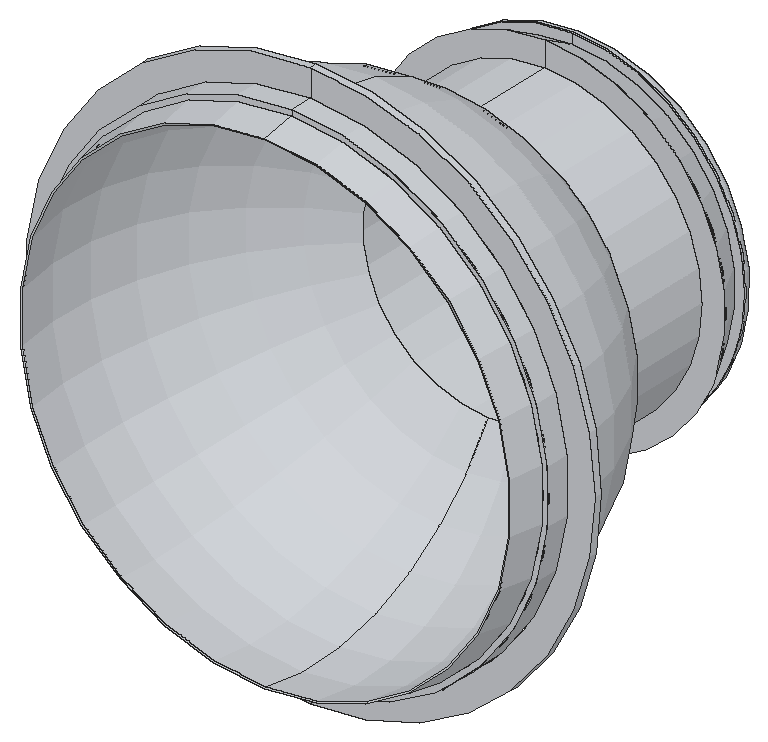
Revit family "05302_DSA", category Air Terminals, Revit 2012
Parameters (values of type "DSA-20"")
  Visible_Texto = or(Tamanio_Requerido < 8, Tamanio_Requerido > 20, and(Tamanio_Requerido > 12, Tamanio_Requerido < 16), and(Tamanio_Requerido > 16, Tamanio_Requerido < 20))  # no
  Var_Tamanio = if(Tamanio_Requerido < 8, 8", if(Tamanio_Requerido > 20, 20", if(and(Tamanio_Requerido > 12, Tamanio_Requerido < 16), 12", if(and(Tamanio_Requerido > 16, Tamanio_Requerido < 20), 16", rounddown(Tamanio_Requerido / 2) * 2"))))  # 20"
  Var_Conect = if(Var_Tamanio = 8", 6 199/256", if(Var_Tamanio = 10", 9 195/256", if(Var_Tamanio = 12", 11 91/256", if(Var_Tamanio = 16", 15 49/64", if(Var_Tamanio = 20", 18 3/16", 18 3/16")))))  # 18 3/16"
  URL = "https://www.innes.com.mx"
  Type Comments = "Deflector anti-condensación"
  Tipo de Cuello = "Redondo"
  Tamanio_Requerido = 20
  Posición de Instalación = "Muro\r\nMuro/Techo"
  Nota1 = if(Tamanio_Requerido < 8, "Tamaño no válido, mínimo 8", if(Tamanio_Requerido > 20, "Tamaño no válido, máximo 20", if(and(Tamanio_Requerido > 12, Tamanio_Requerido < 16), "Tamaño incorrecto, seleccione del menú desplegable", if(and(Tamanio_Requerido > 16, Tamanio_Requerido < 20), "Tamaño incorrecto, seleccione del menú desplegable", "."))))  # "."
  Model = "DSA"
  Material = "Aluminio"
  Manufacturer = "INNES"
  Incrementos de Cuello = "de 2\""
  Función = "Inyección"
  Description = "Difusor de Largo Alcance"
  Cuello Mín-Máx. = "8\" hasta 20\""
  Conect = Var_Conect / 2  # 9 3/32"
Types (6): name | Var_Tamanio | Var_Conect | Tamanio_Requerido | Posición de Instalación | Conect
  (no name) | 20" | 18 3/16" | 20 | "Muro\r\nMuro/Techo" | 9 3/32"
  DSA-08" | 8" | 6 199/256" | 8 | "Muro\r\nMuro" | 3.38867"
  DSA-10" | 10" | 9 195/256" | 10 | "Muro\r\nMuro/Techo" | 4.88086"
  DSA-12" | 12" | 11 91/256" | 12 | "Muro\r\nMuro/Techo" | 5.67773"
  DSA-16" | 16" | 15 49/64" | 16 | "Muro\r\nMuro/Techo" | 7 113/128"
  DSA-20" | 20" | 18 3/16" | 20 | "Muro\r\nMuro/Techo" | 9 3/32"
Reference planes (in)
  plane 1 "Center (Front/Back)": y = 0
  plane 2: z = 0
  plane 3 "Center (Left/Right)": x = 0
  plane 4 "Conect": y = -2.21331
Dimensions and locks (in)
  aligned and locked: plane 4 "Conect" to nested 1
Nested families (in)
  nested 1: "DSA" at (0, 0, 0), type "DSA-08""
  nested 2: "Texto_DSA" at (33.74852, 38.93708, 0) x (0, 1, 0) z (0, 0, 1), type "texto"
Connectors (in)
  hvac at (0, -2.21331, 0), driven by "Conect"
    settings: index 1, duct flow 0.0 L/s, flow factor 0, pres drop 0.0 Pa, loss coef 0, conn angle 0.00°, conn width 304.8 mm, conn height 304.8 mm, conn radius 230.981 mm, duct sys type 1, conn prof type 0, flow config 0, flow direction 0, loss method 0, conn ref index -1, conn util no, is conn primary yes, conn desc ""
Definition of nested family "DSA"
  Parameters (values of type "DSA-20")
    Var_g = Cota_G / 2  # 5 9/64"
    Var_c_ext = Var_c + 1" / 16  # 9 23/64"
    Var_c = Cota_C / 2  # 9 19/64"
    Var_b = Cota_B / 2  # 10 17/32"
    Var_Tamanio = if(Tamanio < 8, 8", if(Tamanio > 20, 20", if(and(Tamanio > 12, Tamanio < 16), 12", if(and(Tamanio > 16, Tamanio < 20), 16", rounddown(Tamanio / 2) * 2"))))  # 20"
    Tamanio = 20
    Cota_F = if(Var_Tamanio = 8", 7 7/32", if(Var_Tamanio = 10", 9 11/16", if(Var_Tamanio = 12", 11 1/8", if(Var_Tamanio = 16", 15 3/32", if(Var_Tamanio = 20", 16 3/8", 16 3/8")))))  # 16 3/8"
    Cota_A = if(Var_Tamanio = 8", 8 31/32", if(Var_Tamanio = 10", 11 7/8", if(Var_Tamanio = 12", 13 3/8", if(Var_Tamanio = 16", 17 17/32", if(Var_Tamanio = 20", 20 1/8", 20 1/8")))))  # 20 1/8"
    Ancho_banda_b = 1" / 4  # 1/4"
    Ancho_banda_A = 2"  # constant formula
    URL = "http://www.innes.com"
    Min Flow = 0.0 L/s
    Max Flow = 0.0 L/s
    Manufacturer = "INNES"
    Cota_G = if(Var_Tamanio = 8", 3 1/32", if(Var_Tamanio = 10", 4 9/16", if(Var_Tamanio = 12", 5 9/32", if(Var_Tamanio = 16", 7 9/32", if(Var_Tamanio = 20", 10 9/32", 10 9/32")))))  # 10 9/32"
    Cota_E = if(Var_Tamanio = 8", 5 15/32", if(Var_Tamanio = 10", 7 5/8", if(Var_Tamanio = 12", 8 11/16", if(Var_Tamanio = 16", 10 3/4", if(Var_Tamanio = 20", 12 9/16", 12 9/16")))))  # 12 9/16"
    Duct = Var_c_ext + 1" / 4  # 9 39/64"
    Cota_D = if(Var_Tamanio = 8", 1 3/4", if(Var_Tamanio = 10", 2 1/16", if(Var_Tamanio = 12", 2 7/16", if(Var_Tamanio = 16", 4 11/32", if(Var_Tamanio = 20", 3 13/16", 3 13/16")))))  # 3 13/16"
    Cota_C = if(Var_Tamanio = 8", 7 31/32", if(Var_Tamanio = 10", 10 19/32", if(Var_Tamanio = 12", 12 1/16", if(Var_Tamanio = 16", 16 1/4", if(Var_Tamanio = 20", 18 19/32", 18 19/32")))))  # 18 19/32"
    Cota_B = if(Var_Tamanio = 8", 9 13/16", if(Var_Tamanio = 10", 12 23/32", if(Var_Tamanio = 12", 14 3/16", if(Var_Tamanio = 16", 18 3/4", if(Var_Tamanio = 20", 21 1/16", 21 1/16")))))  # 21 1/16"
  Types (5): name | Var_g | Var_c_ext | Var_c | Var_b | Var_Tamanio | Tamanio | Cota_F | Cota_A | Min Flow | Max Flow | Cota_G | Cota_E | Duct | Cota_D | Cota_C | Cota_B
    DSA-08 | 1 33/64" | 4 3/64" | 3 63/64" | 4 29/32" | 8" | 8 | 7 7/32" | 8 31/32" | 28.3168 L/s | 160.462 L/s | 3 1/32" | 5 15/32" | 4 19/64" | 1 3/4" | 7 31/32" | 9 13/16"
    DSA-10 | 2 9/32" | 5 23/64" | 5 19/64" | 6 23/64" | 10" | 10 | 9 11/16" | 11 7/8" | 56.6337 L/s | 311.485 L/s | 4 9/16" | 7 5/8" | 5 39/64" | 2 1/16" | 10 19/32" | 12 23/32"
    DSA-12 | 2 41/64" | 6 3/32" | 6 1/32" | 7 3/32" | 12" | 12 | 11 1/8" | 13 3/8" | 80.2311 L/s | 434.192 L/s | 5 9/32" | 8 11/16" | 6 11/32" | 2 7/16" | 12 1/16" | 14 3/16"
    DSA-16 | 3 41/64" | 8 3/16" | 8 1/8" | 9 3/8" | 16" | 16 | 15 3/32" | 17 17/32" | 160.462 L/s | 844.786 L/s | 7 9/32" | 10 3/4" | 8 7/16" | 4 11/32" | 16 1/4" | 18 3/4"
    DSA-20 | 5 9/64" | 9 23/64" | 9 19/64" | 10 17/32" | 20" | 20 | 16 3/8" | 20 1/8" | 0.0 L/s | 0.0 L/s | 10 9/32" | 12 9/16" | 9 39/64" | 3 13/16" | 18 19/32" | 21 1/16"
  Reference planes (in)
    plane 1 "Center (Front/Back)": y = 0
    plane 2: z = 0
    plane 3 "Center (Left/Right)": x = 0
    plane 4: y = -2.21331
  Forms (in)
    Revolve 1, solid
      sketch origin (0, 0, 0) x (0, 1, 0) y (0, 0, 1)
        loop
          line (8.0572, 4.63825) -> (8.0572, 5.14062) -> (11.9375, 5.14062)
          arc (11.9375, 5.14062) -> (12.29105, 5.28707) -> (12.4375, 5.64062) r 0.5
          line (12.4375, 5.64062) -> (12.4375, 5.92696)
          arc (12.4375, 5.92696) -> (12.30169, 6.25482) -> (11.97383, 6.39062) r 0.46367
          line (11.97383, 6.39062) -> (11.9375, 6.39062) -> (11.9375, 6.02059) -> (10.6875, 6.69352) -> (10.6875, 5.78393) -> (7.35826, 5.78393)
          arc (7.35826, 5.78393) -> (4.53498, 8.1873) -> (1, 9.3058) r 9.35938
          line (1, 9.3058) -> (1, 9.51246)
          arc (1, 9.51246) -> (0.56248, 9.52196) -> (0.125, 9.51087) r 9.29688
          line (0.125, 9.51087) -> (0.125, 10.53125) -> (-0.125, 10.53125) -> (-0.125, 9.512)
          arc (-0.125, 9.512) -> (-0.5625, 9.52229) -> (-1, 9.51199) r 9.29688
          line (-1, 9.51199) -> (-1, 9.3058)
          arc (-1, 9.3058) -> (-1.61014, 9.21983) -> (-2.21331, 9.09391) r 9.35938
          line (-2.21331, 9.09391) -> (-2.1875, 9.03586)
          arc (-2.1875, 9.03586) -> (3.66716, 8.54306) -> (8.0572, 4.63825) r 9.29688
        axis (12.4375, 0) -> (-2.21331, 0)
      angle from 0 to 360
  Dimensions and locks (in)
    equal spacing: Revolve 1 sketch curve, plane 1 "Center (Front/Back)", Revolve 1 sketch curve  (x2)
    "Ancho_banda_A": Revolve 1 sketch curve to Revolve 1 sketch curve
    "Ancho_banda_b": Revolve 1 sketch curve to Revolve 1 sketch curve
    "Cota_E": Revolve 1 sketch curve to Revolve 1 sketch curve
    "Var_b": Revolve 1 sketch curve to Revolve 1 sketch curve
    "Var_g": Revolve 1 sketch curve to Revolve 1 sketch curve
    Revolve 1 sketch curve to Revolve 1 sketch curve = 0.64331"
    Revolve 1 sketch curve to Revolve 1 sketch curve = 1 3/4"
    Revolve 1 sketch curve to Revolve 1 sketch curve = 1/2"
    Revolve 1 sketch curve to Revolve 1 sketch curve = 0.50237"
    Revolve 1 sketch curve to Revolve 1 sketch curve = 0.90959"
    Revolve 1 to Revolve 1 = 2"
    Revolve 1 to Revolve 1 = 9 11/16"
    Revolve 1 to Revolve 1 = 4.57924"
    Revolve 1 to Revolve 1 = 3.8803"
    Revolve 1 to Revolve 1 = 10 15/16"
    "Var_c": radius of Revolve 1 sketch curve  (x3)
    "Var_c_ext": radius of Revolve 1 sketch curve  (x2)
    radius of Revolve 1 sketch curve = 1/2"
    angle Revolve 1 sketch curve to Revolve 1 sketch curve = 118.296°
    aligned and locked: plane 2 to level
    aligned and locked: level to Revolve 1 sketch curve
    aligned and locked: Revolve 1 sketch curve to plane 4
  Automatic sketch dimensions
    Revolve 1 sketch curve to Revolve 1 sketch curve = 0"  (x4)
    Revolve 1 sketch curve to level = 0"
    Revolve 1 sketch curve to plane 1 "Center (Front/Back)" = 0"
    Revolve 1 sketch curve to Revolve 1 sketch curve = 0.02581"
    plane 1 "Center (Front/Back)" to Revolve 1 sketch curve = 5.41794"
    level to Revolve 1 sketch curve = 0.22542"
    plane 1 "Center (Front/Back)" to Revolve 1 sketch curve = 0.56237"
    level to Revolve 1 sketch curve = 0.2251"
    Revolve 1 sketch curve to plane 1 "Center (Front/Back)" = 0.57942"
    Revolve 1 sketch curve to Revolve 1 sketch curve = 0.03633"
    Revolve 1 sketch curve to Revolve 1 sketch curve = 3.33206"
    Revolve 1 sketch curve to Revolve 1 sketch curve = 0.28633"
Definition of nested family "Texto_DSA"
  Parameters (values of type "texto")
    texto = "Medida vertical no disponible máximo 30 in"
    Visible_Texto = yes
    Color = rojo
  Reference planes (in)
    plane 1 "Center (Front/Back)": y = 0
    plane 2: z = 0
    plane 3 "Center (Left/Right)": x = 0
